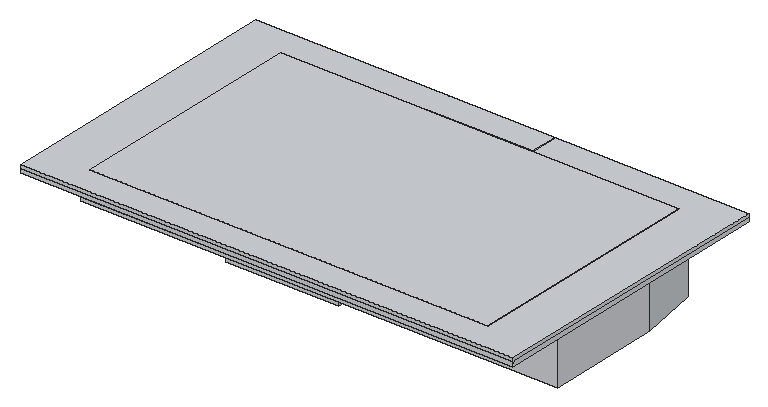
Revit family "Gira_206800", category Electrical Fixtures, host Face, Revit 2017
Family settings
  Host = Face
  Maintain Annotation Orientation = Yes
  Round Connector Dimension = Use Diameter
  Part Type = Normal
  Cut with Voids When Loaded = No
  Shared = No
  Room Calculation Point = No
Parameters (values of type "Gira Control 19 Client 2 Electronics")
  With display = "Yes"
  URL = "http://katalog.gira.de/en/datenblatt.html?artikelnr=206800"
  Transparent = "No"
  Surface protection = "Other"
  Surface finishing = "Not applicable"
  Radio frequent bidirectional = "No"
  Other bus systems = "None"
  Name = "Gira Control 19 Client 2 Electronics"
  Mounting method = "Flush mounted (plaster)"
  Material quality = "Other"
  Material = "Other"
  Manufacturer URL = "https://www.gira.de/"
  Manufacturer = "Gira"
  Keynote = ""
  HeinzeBIM = "https://bimportal.heinze.de/bim/gira-control-19-client-2-electronics/90bf491beb7395028b819c59b54ca369195fcbc3"
  HAN = "206800"
  GTIN = "4010337022367"
  Description = "Gira Control 19 Client 2 Elec.,Gira Control 19 Client 2,,,The Gira Control 19 Client is a display and operating unit for connection to the Gira HomeServer or Gira FacilityServer. The device is PC-based and has a TFT touch screen with 47 cm (19) screen diagonal.,,Features:,- Visualisation and operation of building system technology functions in conjunction with the Gira HomeServer and or the Gira FacilityServer.,- Display of e-mails.,- Playback of acoustic signals.,- Suitable for door communication systems as a home station (via DCS-IP gateway).,Device features:,- PC with touch screen.,- Integrated power supply unit.,- Integrated speaker.,- Integrated microphone.,,Software:,Microsoft operating system(r) Windows(r) embedded Standard 7.: ,,Notes :,- Can also be installed in existing Gira Pro-face ServerClient 15 device boxes.,- Suitable for indoor use only.,- Areas of application: ,  - Operation in stationary environment..,  - Operation only in environmental conditions that meet the specifications regarding temperature, humidity, dust, vibrations etc..."
  Degree of protection (IP) = "IP20"
  Default Elevation = 1219.2 mm
  Data sheet (1) = "https://katalog.gira.de/en/download.html?artikelnr=206800"
  Central functional unit for senders/actuators = "Yes"
  Category = "Multi operating device for bus system"
  Bus system radio frequent = "No"
  Bus system Powernet = "No"
  Bus system LON = "No"
  Bus system KNX radio = "No"
  Bus system KNX = "Yes"
  Bus connection included = "Yes"
  BIM (1) = "https://media.stage.bim.site/public/gira/36a6b08/GiraHomeServer_GC19 Client.rfa?public/gira/36a6b08/GiraHomeServer_GC19 Client.rfa"
  Available = "No"
Reference planes
  plane 1 "Center (Front/Back)": y = 0
  plane 2: z = 0
  plane 3 "Center (Left/Right)": x = 0
Forms (mm)
  Extrusion 1, solid, detail levels fine
    sketch origin (0, 0, 0) x (1, 0, 0) y (0, 1, 0)
      loop
        line (-216.7, -129.85) -> (216.7, -129.85) -> (216.7, 129.85) -> (-216.7, 129.85) -> (-216.7, -129.85)
    from 4 to 8.5
  Extrusion 2, solid, detail levels fine
    sketch origin (0, 0, 0) x (1, 0, 0) y (0, 1, 0)
      loop
        line (-57.5, 129.85) -> (57.5, 129.85) -> (57.5, 160) -> (-57.5, 160) -> (-57.5, 129.85)
    from 4 to 8.4
  Extrusion 3, solid, detail levels fine
    sketch origin (0, 0, 0) x (1, 0, 0) y (0, 1, 0)
      loop
        line (-268, -160) -> (268, -160) -> (268, 160) -> (-268, 160) -> (-268, -160)
    from 0 to 4
  Extrusion 4, solid, detail levels fine
    sketch origin (0, 0, 0) x (1, 0, 0) y (0, 1, 0)
      loop
        line (-247.541, 104.273) -> (-259.4, 37.016) -> (-259.4, -88) -> (259.4, -88) -> (259.4, 37.016) -> (247.629, 103.771) -> (211.4, 140) -> (-211.814, 140) -> (-247.541, 104.273)
    from -55.1 to 0
  Extrusion 5, solid, detail levels fine
    sketch origin (0, 0, 0) x (1, 0, 0) y (0, 1, 0)
      loop
        line (217.75, -140.25) -> (217.75, -88) -> (-217.75, -88) -> (-217.75, -140.25) -> (217.75, -140.25)
    from 0 to -14
  Extrusion 6, solid, detail levels fine
    sketch origin (0, 0, 0) x (-1, 0, 0) y (0, -1, 0)
      loop
        line (-15.978, 82.25) -> (-15.978, -14.657) -> (107.001, -14.657) -> (107.001, 82.25) -> (-15.978, 82.25)
    from -64 to -55.1
  Extrusion 7, solid, detail levels fine
    sketch origin (0, 0, 0) x (1, 0, 0) y (0, 0, 1)
      loop
        line (-17.926, -32.14) -> (-17.926, -46.14) -> (-0.926, -46.14) -> (-0.926, -32.14) -> (-17.926, -32.14)
    from 88 to 90
  Extrusion 8, solid, detail levels fine
    sketch origin (37.176, 0, 0) x (1, 0, 0) y (0, 0, 1)
      loop
        line (-36.153, -45.99) -> (-19.887, -45.99) -> (-19.887, -31.49) -> (-36.153, -31.49) -> (-36.153, -45.99)
    from 88 to 90
  Extrusion 9, solid, detail levels fine
    sketch origin (-3.847, 0, 0) x (1, 0, 0) y (0, 0, 1)
      loop
        line (-33.956, -45.59) -> (-16.256, -45.59) -> (-16.256, -39.16) -> (-33.956, -39.16) -> (-33.956, -45.59)
    from 88 to 90
  Extrusion 10, solid, detail levels fine
    sketch origin (-76.389, 0, 0) x (1, 0, 0) y (0, 0, 1)
      loop
        line (-31.824, -47.715) -> (0.002, -47.715) -> (0.002, -35.715) -> (-31.824, -35.715) -> (-31.824, -47.715)
    from 88 to 90
  Extrusion 11, solid, detail levels fine
    sketch origin (-41.389, 0, 0) x (1, 0, 0) y (0, 0, 1)
      loop
        line (-31.824, -47.715) -> (0.002, -47.715) -> (0.002, -35.715) -> (-31.824, -35.715) -> (-31.824, -47.715)
    from 88 to 90
  Extrusion 12, solid, detail levels fine
    sketch origin (82.667, 0, 0) x (1, 0, 0) y (0, 0, 1)
      loop
        line (-55.447, -47.85) -> (-19.887, -47.85) -> (-19.887, -30.311) -> (-55.447, -30.311) -> (-55.447, -47.85)
    from 88 to 90
  Extrusion 13, solid, detail levels fine
    sketch origin (112.667, 0, 0) x (1, 0, 0) y (0, 0, 1)
      loop
        circle (-32.667, -39.1) r 7.4
    from 88 to 90
  Extrusion 14, solid, detail levels coarse
    sketch origin (0, 0, 0) x (1, 0, 0) y (0, 1, 0)
      loop
        line (-268, -160) -> (268, -160) -> (268, 160) -> (-268, 160) -> (-268, -160)
    from -64 to 8.5
  Extrusion 15, solid, detail levels medium+fine
    sketch origin (0, 0, 0) x (1, 0, 0) y (0, 1, 0)
      loop
        line (-268, -160) -> (268, -160) -> (268, 160) -> (-268, 160) -> (-268, -160)
    from 0 to 8.5
  Extrusion 16, solid, detail levels medium
    sketch origin (0, 0, 0) x (1, 0, 0) y (0, 1, 0)
      loop
        line (-259.4, -88) -> (259.4, -88) -> (259.4, 140) -> (-259.4, 140) -> (-259.4, -88)
    from -55.1 to 0
Dimensions and locks
  aligned and locked: plane 2 to host face
  aligned and locked: level to host face
  aligned and locked: plane 3 "Center (Left/Right)" to nested 1
  aligned and locked: plane 1 "Center (Front/Back)" to nested 1
Nested families
  nested 1: "Home server" at (0, 0, 0), type "Home server"
Connectors
  electrical at (-9.426, -90, -39.14)
    settings: on Extrusion 7, index 1, voltage 0 V, apparent load 0 VA, apparent load phase1 0 VA, apparent load phase2 0 VA, apparent load phase3 0 VA, power factor 1, load classification "Other", number of poles 1, system type 5, power factor state 1, is connector primary yes, connector utility no, sub classification motor no, connector description ""
  electrical at (0, 0, -64)
    settings: on Extrusion 14, index 2, voltage 240 V, apparent load 0 VA, apparent load phase1 0 VA, apparent load phase2 0 VA, apparent load phase3 0 VA, power factor 1, load classification "Other", number of poles 1, system type 30, power factor state 1, is connector primary no, connector utility no, sub classification motor no, connector description ""
Definition of nested family "Home server"
  Reference planes
    plane 1: y = 0
    plane 2: x = 0
  Lines and regions (mm)
    detail lines
      curve 1: line (-0.526, 1.505, 0) -> (-0.768, 1.505, 0)
      curve 2: line (-0.775, 0.889, 0) -> (-0.946, 1.06, 0)
      curve 3: line (-0.785, 2.117, 0) -> (-0.956, 1.946, 0)
      curve 4: line (-1.401, 2.452, 0) -> (-1.401, 2.227, 0)
      curve 5: line (-2.013, 2.107, 0) -> (-1.842, 1.936, 0)
      curve 6: line (-2.003, 0.88, 0) -> (-1.832, 1.051, 0)
      curve 7: line (-1.387, 0.63, 0) -> (-1.387, 0.872, 0)
      curve 8: line (-1.401, 2.121, 0) -> (-1.401, 1.897, 0)
      curve 9: line (-1.614, 1.883, 0) -> (-1.614, 2.289, 0)
      curve 10: line (-1.401, 2.289, 0) -> (-1.614, 2.289, 0)
      curve 11: line (-1.401, 2.289, 0) -> (-1.188, 2.289, 0)
      curve 12: line (-1.188, 1.883, 0) -> (-1.188, 2.289, 0)
      curve 13: line (0.689, 2.287, 0) -> (0.689, 0.713, 0)
      curve 14: line (0.689, 2.287, 0) -> (2.15, 2.287, 0)
      curve 15: line (2.15, 2.287, 0) -> (2.15, 0.713, 0)
      curve 16: line (0.689, 0.713, 0) -> (2.15, 0.713, 0)
      curve 17: line (1.417, 1.217, 0) -> (1.417, 0.713, 0)
      curve 18: line (0.854, 1.389, 0) -> (1.978, 1.389, 0)
      curve 19: line (0.854, 1.612, 0) -> (1.978, 1.612, 0)
      curve 20: line (0.854, 1.841, 0) -> (1.978, 1.841, 0)
      curve 21: line (0.854, 2.067, 0) -> (1.978, 2.067, 0)
      curve 22: arc (-1.614, 1.883, 0) -> (-1.401, 1.055, 0) -> (-1.188, 1.883, 0) r 0.441
      curve 23: line (-2.276, 1.505, 0) -> (-2.034, 1.505, 0)
      curve 24: line (-2.813, 3, 0) -> (2.813, 3, 0)
      curve 25: line (2.813, 3, 0) -> (2.813, 0, 0)
      curve 26: line (2.813, 0, 0) -> (-2.813, 0, 0)
      curve 27: line (-2.813, 0, 0) -> (-2.813, 3, 0)
